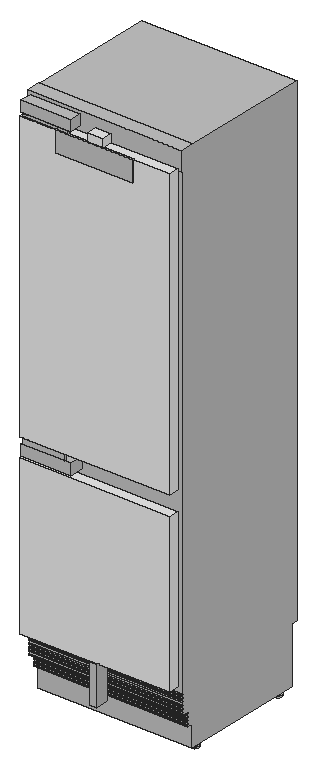
Revit family "FP_Revit_18_RS2484WLUK1_Fridge_90001068A", category Specialty Equipment, Revit 2018
Family settings
  Round Connector Dimension = Use Diameter
  Part Type = Normal
  OmniClass Number = 23.40.40.11.11
  OmniClass Title = Refrigerators and Freezers
  Work Plane-Based = No
  Always vertical = Yes
  Cut with Voids When Loaded = Yes
  Shared = No
  Room Calculation Point = No
Parameters (values of type "RS2484WLUK1")
  Visibility - Water Connection = yes
  Visibility - Visibility Control Note = yes
  Visibility - Clearance Required = yes
  URL = "www.fisherpaykel.com"
  Stainless Steel Door Panels (RD2484WLD) = no
  Product - Width = 603 mm
  Product - Height = 2134 mm
  Product - Depth (exl front panel) = 610 mm
  Model = "RS2484WLUK1"
  Material - Handle = Fisher & Paykel - Aluminium
  Material - Door Structure = Fisher & Paykel - White
  Material - Door Front = Fisher & Paykel - Stainless Steel
  Material - Body = Fisher & Paykel - Grey
  Manufacturer = "Fisher & Paykel Appliances"
  Handle Style - Professional Square (AHV2RD2484W) = no
  Handle Style - Professional Round Flush (AHP3RD2484W) = no
  Handle Style - Professional Round (AHCRD2484W) = no
  Handle Style - Contemporary Square Fine Black (AHD5RD2484WB) = no
  Handle Style - Contemporary Square Fine (AHD5RD2484W) = no
  Handle Style - Contemporary Square (AHD3RD2484W) = no
  Handle Style - Contemporary Round (AHSRD2484W) = no
  Description = "24\" Integrated Column Refrigerator/Freezer with Ice & Water, SS interior"
  Connector Description - Water = "1/4\" (6mm) comp. stainless steel braided hose"
  Connector Description - Electrical = "120 V, 10 amp fused electrical supply"
  Cavity - Width = 610 mm
  Cavity - Height = 2134 mm
  Cavity - Depth = 635 mm
Reference planes
  plane 1 "Datum": y = 0
  plane 2: z = 0
  plane 3 "Center (Left/Right)": x = 0
  plane 4 "Product LHS": x = -301.5
  plane 5 "Product RHS": x = 301.5
  plane 6 "Product - Depth": y = 610
  plane 7 "Cavity LHS": x = -305
  plane 8 "Cavity RHS": x = 305
  plane 9 "Cavity - Depth": y = 635
  plane 10 "Handle Offset": x = 238.5
  plane 11 "Product Height": z = 2134
  plane 12 "Cavity Height": z = 2134
  plane 13 "Door Panel Datum": y = -4.1
Forms (mm)
  Extrusion 1, solid, material "Fisher & Paykel - Grey" <- "Material - Body", detail levels fine
    sketch origin (0, 0, 0) x (0, 1, 0) y (0, 0, 1)
      loop
        line (100.1, 19.1) -> (587.9, 19.1) -> (587.9, 239.7) -> (610, 239.7) -> (610, 2132.3) -> (105.1, 2132.3) -> (105.1, 2134) -> (49.9, 2134) -> (49.9, 2059) -> (56, 2059) -> (56, 228.6) -> (59.5, 228.6) -> (59.5, 219.7) -> (56.5, 219.7) -> (56.5, 215.9) -> (59.5, 215.9) -> (59.5, 207) -> (56.5, 207) -> (56.5, 203.2) -> (59.5, 203.2) -> (59.5, 194.3) -> (56.5, 194.3) -> (56.5, 190.5) -> (59.5, 190.5) -> (59.5, 181.6) -> (56.5, 181.6) -> (56.5, 177.8) -> (59.5, 177.8) -> (59.5, 168.9) -> (56.5, 168.9) -> (56.5, 165.1) -> (59.5, 165.1) -> (59.5, 156.2) -> (56.5, 156.2) -> (56.5, 152.4) -> (84.1, 152.4) -> (84.1, 143.5) -> (81.1, 143.5) -> (81.1, 139.7) -> (84.1, 139.7) -> (84.1, 130.8) -> (81.1, 130.8) -> (81.1, 127) -> (84.1, 127) -> (84.1, 118.1) -> (81.1, 118.1) -> (81.1, 114.3) -> (84.1, 114.3) -> (84.1, 105.4) -> (81.1, 105.4) -> (81.1, 101.6) -> (100.1, 101.6) -> (100.1, 19.1)
    from -301.5 to 301.5
  Extrusion 2, solid, material "Fisher & Paykel - Grey" <- "Material - Body"
    sketch origin (0, 0, 0) x (1, 0, 0) y (0, 1, 0)
      loop
        circle (-281, 547.8) r 4.1
      loop
        circle (-281, 141.8) r 4.1
      loop
        circle (281, 547.8) r 4.1
      loop
        circle (281, 141.8) r 4.1
    from 3 to 19.1
  Extrusion 3, solid, material "Fisher & Paykel - Grey" <- "Material - Body"
    sketch origin (0, 0, 0) x (1, 0, 0) y (0, 1, 0)
      loop
        circle (-281, 547.8) r 14.5
      loop
        circle (-281, 141.8) r 14.555
      loop
        circle (281, 547.8) r 14.5
      loop
        circle (281, 141.8) r 14.555
    from 0 to 3
  Extrusion 4, solid, material "Fisher & Paykel - Grey" <- "Material - Body", detail levels fine
    sketch origin (0, 0, 0) x (1, 0, 0) y (0, 1, 0)
      loop
        line (-7.5, 49) -> (-13.797, -4.1) -> (13.797, -4.1) -> (7.5, 49) -> (-7.5, 49)
    from 104.2 to 253.8
  Extrusion 5, solid, material "Fisher & Paykel - Grey" <- "Material - Body", detail levels fine
    sketch origin (0, 0, 0) x (0, 1, 0) y (0, 0, 1)
      loop
        line (0, 2070.6) -> (0, 1988.6) -> (2, 1988.6) -> (2, 2068.6) -> (4, 2068.6) -> (4, 2070.6) -> (0, 2070.6)
    from -150 to 150
  Extrusion 6, solid, material "Fisher & Paykel - Grey" <- "Material - Body"
    sketch origin (0, 0, 0) x (1, 0, 0) y (0, 0, 1)
      loop
        circle (226.5, 119.813) r 5
      loop
        circle (-226.5, 119.813) r 5
    from -590 to -587.9
  Extrusion 7, solid, material "Fisher & Paykel - White" <- "Material - Door Structure"
    sketch origin (0, 0, 0) x (1, 0, 0) y (0, 1, 0)
      loop
        line (-276.5, 56) -> (-276.5, 42) -> (276.5, 42) -> (276.5, 56) -> (-276.5, 56)
    from 951.3 to 2030.7
  Extrusion 8, solid, material "Fisher & Paykel - White" <- "Material - Door Structure"
    sketch origin (0, 0, 0) x (1, 0, 0) y (0, 1, 0)
      loop
        line (-292.9, 42) -> (-292.9, 3) -> (292.9, 3) -> (292.9, 42) -> (-292.9, 42)
    from 943.8 to 2068.6
  Extrusion 9, solid, material "Fisher & Paykel - White" <- "Material - Door Structure", detail levels fine
    sketch origin (0, 0, 0) x (1, 0, 0) y (0, 0, 1)
      loop
        line (-29.5, 2100.1) -> (-29.5, 2068.6) -> (29.5, 2068.6) -> (29.5, 2100.1) -> (-29.5, 2100.1)
    from -42 to -3
  Extrusion 10, solid, material "Fisher & Paykel - Stainless Steel" <- "Material - Door Front", visible <- "Stainless Steel Door Panels (RD2484WLD)"
    sketch origin (0, 0, 0) x (0, 1, 0) y (0, 0, 1)
      loop
        line (-22.1, 2130.8) -> (-22.1, 876.3) -> (-4.1, 876.3) -> (-4.1, 2130.8) -> (-22.1, 2130.8)
      loop
        line (-22.1, 102) -> (-4.1, 102) -> (-4.1, 873.1) -> (-22.1, 873.1) -> (-22.1, 102)
    from -301.5 to 301.5
  Extrusion 11, solid, material "Fisher & Paykel - Grey" <- "Material - Body", detail levels coarse+medium
    sketch origin (0, 0, 0) x (0, 1, 0) y (0, 0, 1)
      loop
        line (49.9, 2134) -> (49.9, 2059) -> (56, 2059) -> (56, 152.4) -> (81.1, 152.4) -> (81.1, 101.6) -> (100.1, 101.6) -> (100.1, 19.1) -> (587.9, 19.1) -> (587.9, 239.7) -> (610, 239.7) -> (610, 2134) -> (49.9, 2134)
    from -301.5 to 301.5
  Extrusion 12, solid, material "Fisher & Paykel - Grey" <- "Material - Body", detail levels fine
    sketch origin (0, 0, 0) x (-1, 0, 0) y (0, 0, -1)
      loop
        line (289.9, -877.25) -> (95.42, -877.25) -> (95.42, -919.35) -> (289.9, -919.35) -> (289.9, -877.25)
    from -56 to -2.5
  Extrusion 13, solid, material "Fisher & Paykel - Grey" <- "Material - Body", detail levels fine
    sketch origin (0, 0, 0) x (-1, 0, 0) y (0, 0, -1)
      loop
        line (289.9, -2123.15) -> (289.9, -2081.05) -> (95.42, -2081.05) -> (95.42, -2123.15) -> (289.9, -2123.15)
    from -49 to -2.5
  Extrusion 14, solid, material "Fisher & Paykel - Grey" <- "Material - Body", detail levels fine
    sketch origin (0, 0, -4) x (0, 1, 0) y (0, 0, 1)
      loop
        arc (163.888, 23.1) -> (180.4, 13.63) -> (196.912, 23.1) r 19.13
        line (196.912, 23.1) -> (163.888, 23.1)
      loop
        arc (493.888, 23.1) -> (510.4, 13.63) -> (526.912, 23.1) r 19.13
        line (526.912, 23.1) -> (493.888, 23.1)
    from 191 to 219
  Extrusion 15, solid, material "Fisher & Paykel - Grey" <- "Material - Body", detail levels fine
    sketch origin (0, 0, -4) x (0, 1, 0) y (0, 0, -1)
      loop
        line (163.888, -23.1) -> (196.912, -23.1)
        arc (196.912, -23.1) -> (180.4, -13.63) -> (163.888, -23.1) r 19.13
      loop
        line (493.888, -23.1) -> (526.912, -23.1)
        arc (526.912, -23.1) -> (510.4, -13.63) -> (493.888, -23.1) r 19.13
    from 191 to 219
  Extrusion 16, solid, material "Fisher & Paykel - Clearance Required", visible <- "Visibility - Clearance Required", detail levels coarse
    sketch origin (0, 0, 0) x (1, 0, 0) y (0, 1, 0)
      loop
        line (-305, 635) -> (-305, -4.1) -> (305, -4.1) -> (305, 635) -> (-305, 635)
    from 0 to 2134
  Extrusion 17, void
    sketch origin (0, 0, 0) x (1, 0, 0) y (0, 1, 0)
      loop
        line (-305, 635) -> (-305, -22.1) -> (305, -22.1) -> (305, 635) -> (-305, 635)
    from 0 to 2134
  Extrusion 18, solid, material "Fisher & Paykel - Grey" <- "Material - Body", detail levels fine
    sketch origin (0, 0, 0) x (-1, 0, 0) y (0, 0, -1)
      loop
        line (118.4, -943.8) -> (282.9, -943.8) -> (282.9, -919.35) -> (118.4, -919.35) -> (118.4, -943.8)
      loop
        line (106, -2081.05) -> (242.9, -2081.05) -> (282.9, -2076.05) -> (282.9, -2068.6) -> (106, -2068.6) -> (106, -2081.05)
    from -7 to -4
  Extrusion 19, solid, material "Fisher & Paykel - White" <- "Material - Door Structure"
    sketch origin (0, 0, 0) x (1, 0, 0) y (0, 1, 0)
      loop
        line (-292.9, 42) -> (-292.9, 3) -> (292.9, 3) -> (292.9, 42) -> (-292.9, 42)
    from 253.8 to 868.15
  Extrusion 20, solid, material "Fisher & Paykel - White" <- "Material - Door Structure"
    sketch origin (0, 0, 0) x (1, 0, 0) y (0, 1, 0)
      loop
        line (-276.5, 56) -> (-276.5, 42) -> (276.5, 42) -> (276.5, 56) -> (-276.5, 56)
    from 269.2 to 858.13
  Extrusion 21, solid, material "Fisher & Paykel - Clearance Required", visible <- "Visibility - Clearance Required", detail levels coarse
    sketch origin (0, 0, 0) x (0, 1, 0) y (0, 0, 1)
      loop
        line (-422.1, 873.1) -> (-422.1, 818.896) -> (-482.1, 818.896) -> (-482.1, 781.896) -> (-422.1, 781.896) -> (-422.1, 101.6) -> (-22.1, 101.6) -> (-22.1, 873.1) -> (-422.1, 873.1)
    from -305 to 305
  Extrusion 22, solid, material "Fisher & Paykel - Clearance Required", visible <- "Visibility - Clearance Required", detail levels coarse
    sketch origin (0, 0, 0) x (-1, 0, 0) y (0, -1, 0)
      loop
        arc (301.5, 22.1) -> (304.469, 57.05) -> (339.359, 60.653) r 27.5
        line (339.359, 60.653) -> (556.046, 526.865) -> (583.452, 514.085)
        arc (583.452, 514.085) -> (608.033, 523.032) -> (599.086, 547.613) r 18.497
        line (599.086, 547.613) -> (571.638, 560.412) -> (593.641, 607.752)
        arc (593.641, 607.752) -> (-14.693, 560.645) -> (-301.5, 22.1) r 633.927
        line (-301.5, 22.1) -> (301.5, 22.1)
    from 876.3 to 2134
Lines and regions (mm)
  model lines, style "Fisher & Paykel"
    curve 1: line (-301.5, -4.1, 2130.8) -> (301.5, -4.1, 2130.8)
    curve 2: line (-301.5, -4.1, 876.3) -> (-301.5, -4.1, 2130.8)
    curve 3: line (301.5, -4.1, 876.3) -> (-301.5, -4.1, 876.3)
    curve 4: line (301.5, -4.1, 2130.8) -> (301.5, -4.1, 876.3)
    curve 5: line (301.5, -4.1, 873.1) -> (-301.5, -4.1, 873.1)
    curve 6: line (301.5, -4.1, 102) -> (301.5, -4.1, 873.1)
    curve 7: line (-301.5, -4.1, 102) -> (301.5, -4.1, 102)
    curve 8: line (-301.5, -4.1, 873.1) -> (-301.5, -4.1, 102)
Text (mm)
  text "Due to ongoing product development, product details are subject to change without notice. \nPlease always refer to www.fisherpaykel.com for the most current product information. \n© Fisher & Paykel 2020" at (41.04, -678.295, 0), in view "Ref. Level (Plan)"
Dimensions and locks
  equal spacing: plane 4 "Product LHS", plane 3 "Center (Left/Right)", plane 5 "Product RHS"
  "Product - Width": plane 4 "Product LHS" to plane 5 "Product RHS"
  "Product - Depth (exl front panel)": plane 1 "Datum" to plane 6 "Product - Depth"
  equal spacing: plane 7 "Cavity LHS", plane 3 "Center (Left/Right)", plane 8 "Cavity RHS"
  "Cavity - Width": plane 7 "Cavity LHS" to plane 8 "Cavity RHS"
  "Cavity - Depth": plane 9 "Cavity - Depth" to plane 1 "Datum"
  plane 4 "Product LHS" to Extrusion 2 sketch curve = 24.6 mm
  plane 4 "Product LHS" to plane 10 "Handle Offset" = 540 mm
  Extrusion 6 sketch curve to Extrusion 1 = 119.887 mm  (x2)
  Extrusion 6 sketch curve to plane 5 "Product RHS" = 75 mm
  plane 4 "Product LHS" to Extrusion 6 sketch curve = 75 mm
  Extrusion 1 sketch curve to Extrusion 1 sketch curve = 82.5 mm
  Extrusion 1 sketch curve to Extrusion 1 sketch curve = 209.5 mm
  Extrusion 1 sketch curve to Extrusion 1 sketch curve = 220.6 mm
  Extrusion 3 to level = 3 mm
  Extrusion 11 to Extrusion 8 = 924.7 mm
  Extrusion 11 to Extrusion 7 = 932.2 mm
  Extrusion 11 to Extrusion 11 = 2114.9 mm
  Extrusion 11 to Extrusion 10 = 82.9 mm
  "Product - Height": level to plane 11 "Product Height"
  plane 11 "Product Height" to Extrusion 10 = 3.2 mm
  Extrusion 8 to plane 11 "Product Height" = 65.4 mm
  Extrusion 7 to plane 11 "Product Height" = 103.3 mm
  Extrusion 11 sketch curve to plane 11 "Product Height" = 75 mm
  Extrusion 1 sketch curve to plane 11 "Product Height" = 1.7 mm
  Extrusion 1 sketch curve to plane 11 "Product Height" = 75 mm
  "Cavity - Height": plane 12 "Cavity Height" to level
  plane 1 "Datum" to Extrusion 16 = 635 mm
  plane 1 "Datum" to Extrusion 17 = 635 mm
  Extrusion 18 sketch curve to Extrusion 18 sketch curve = 40 mm
  Extrusion 18 sketch curve to Extrusion 18 sketch curve = 176.9 mm
  plane 3 "Center (Left/Right)" to Extrusion 18 sketch curve = 106 mm
  plane 3 "Center (Left/Right)" to Extrusion 18 sketch curve = 118.4 mm
  Extrusion 17 to level = 2134 mm
  radius of Extrusion 6 sketch curve = 5 mm
  aligned and locked: level to plane 2
  aligned and locked: Extrusion 10 to plane 5 "Product RHS"
  aligned and locked: plane 4 "Product LHS" to Extrusion 10
  aligned and locked: Extrusion 11 to plane 5 "Product RHS"
  aligned and locked: Extrusion 11 to plane 4 "Product LHS"
  aligned and locked: Extrusion 11 sketch curve to plane 11 "Product Height"
  aligned and locked: plane 11 "Product Height" to Extrusion 1 sketch curve
  aligned and locked: Extrusion 14 sketch curve to Extrusion 14 sketch curve
  aligned and locked: Extrusion 15 sketch curve to Extrusion 15 sketch curve
  aligned and locked: Extrusion 1 to plane 5 "Product RHS"
  aligned and locked: plane 4 "Product LHS" to Extrusion 1
  aligned and locked: nested 2 to plane 10 "Handle Offset"
  aligned and locked: nested 3 to plane 10 "Handle Offset"
  aligned and locked: nested 4 to plane 10 "Handle Offset"
  aligned and locked: nested 5 to plane 10 "Handle Offset"
  aligned and locked: nested 6 to plane 10 "Handle Offset"
  aligned and locked: nested 7 to plane 10 "Handle Offset"
  aligned and locked: nested 8 to plane 10 "Handle Offset"
Automatic sketch dimensions
  Extrusion 1 sketch curve to plane 6 "Product - Depth" = 0 mm
  Extrusion 1 sketch curve to Extrusion 1 sketch curve = 22.1 mm
  Extrusion 1 sketch curve to plane 1 "Datum" = 105.1 mm
  level to Extrusion 1 sketch curve = 19.1 mm
  Extrusion 1 sketch curve to plane 1 "Datum" = 100.1 mm
  Extrusion 1 sketch curve to Extrusion 1 sketch curve = 16 mm
  Extrusion 1 sketch curve to Extrusion 1 sketch curve = 0 mm  (x8)
  Extrusion 1 sketch curve to Extrusion 1 sketch curve = 3 mm  (x10)
  Extrusion 1 sketch curve to plane 1 "Datum" = 59.5 mm
  Extrusion 1 sketch curve to plane 1 "Datum" = 56 mm
  Extrusion 1 sketch curve to plane 1 "Datum" = 49.9 mm
  Extrusion 1 sketch curve to Extrusion 1 sketch curve = 3.8 mm  (x10)
  Extrusion 1 sketch curve to Extrusion 1 sketch curve = 8.9 mm  (x9)
  Extrusion 2 sketch curve to plane 4 "Product LHS" = 20.5 mm  (x2)
  plane 5 "Product RHS" to Extrusion 2 sketch curve = 20.5 mm  (x2)
  Extrusion 2 sketch curve to plane 1 "Datum" = 141.8 mm  (x2)
  Extrusion 2 sketch curve to plane 6 "Product - Depth" = 62.2 mm  (x2)
  Extrusion 3 sketch curve to plane 4 "Product LHS" = 20.5 mm  (x2)
  plane 5 "Product RHS" to Extrusion 3 sketch curve = 20.5 mm  (x2)
  Extrusion 3 sketch curve to plane 1 "Datum" = 141.8 mm  (x2)
  Extrusion 3 sketch curve to plane 6 "Product - Depth" = 62.2 mm  (x2)
  plane 1 "Datum" to Extrusion 4 sketch curve = 4.1 mm
  Extrusion 4 sketch curve to plane 3 "Center (Left/Right)" = 13.797 mm
  Extrusion 4 sketch curve to plane 3 "Center (Left/Right)" = 7.5 mm
  plane 3 "Center (Left/Right)" to Extrusion 4 sketch curve = 7.5 mm
  plane 3 "Center (Left/Right)" to Extrusion 4 sketch curve = 13.797 mm
  Extrusion 4 sketch curve to plane 1 "Datum" = 49 mm
  Extrusion 5 sketch curve to plane 1 "Datum" = 0 mm
  Extrusion 5 sketch curve to plane 1 "Datum" = 2 mm
  Extrusion 5 sketch curve to Extrusion 5 sketch curve = 2 mm  (x2)
  plane 11 "Product Height" to Extrusion 5 sketch curve = 145.4 mm
  plane 11 "Product Height" to Extrusion 5 sketch curve = 65.4 mm
  Extrusion 7 sketch curve to plane 4 "Product LHS" = 25 mm
  plane 5 "Product RHS" to Extrusion 7 sketch curve = 25 mm
  Extrusion 7 sketch curve to plane 1 "Datum" = 42 mm
  Extrusion 7 sketch curve to Extrusion 7 sketch curve = 14 mm
  Extrusion 8 sketch curve to plane 1 "Datum" = 3 mm
  Extrusion 8 sketch curve to plane 4 "Product LHS" = 8.6 mm
  plane 5 "Product RHS" to Extrusion 8 sketch curve = 8.6 mm
  Extrusion 8 sketch curve to Extrusion 8 sketch curve = 39 mm
  Extrusion 9 sketch curve to plane 3 "Center (Left/Right)" = 29.5 mm
  plane 3 "Center (Left/Right)" to Extrusion 9 sketch curve = 29.5 mm
  plane 11 "Product Height" to Extrusion 9 sketch curve = 65.4 mm
  Extrusion 9 sketch curve to Extrusion 9 sketch curve = 31.5 mm
  Extrusion 11 sketch curve to plane 6 "Product - Depth" = 0 mm
  Extrusion 11 sketch curve to plane 6 "Product - Depth" = 22.1 mm
  Extrusion 11 sketch curve to plane 1 "Datum" = 100.1 mm
  Extrusion 11 sketch curve to Extrusion 11 sketch curve = 19 mm
  Extrusion 11 sketch curve to plane 1 "Datum" = 56 mm
  Extrusion 11 sketch curve to plane 1 "Datum" = 49.9 mm
  level to Extrusion 11 sketch curve = 239.7 mm
  level to Extrusion 11 sketch curve = 152.4 mm
  Extrusion 11 sketch curve to Extrusion 11 sketch curve = 50.8 mm
  level to Extrusion 11 sketch curve = 19.1 mm
  plane 3 "Center (Left/Right)" to Extrusion 12 sketch curve = 95.42 mm
  plane 4 "Product LHS" to Extrusion 12 sketch curve = 11.6 mm
  Extrusion 12 sketch curve to level = 877.25 mm
  Extrusion 12 sketch curve to Extrusion 12 sketch curve = 42.1 mm
  Extrusion 13 sketch curve to plane 11 "Product Height" = 10.85 mm
  plane 3 "Center (Left/Right)" to Extrusion 13 sketch curve = 95.42 mm
  plane 4 "Product LHS" to Extrusion 13 sketch curve = 11.6 mm
  Extrusion 13 sketch curve to Extrusion 13 sketch curve = 42.1 mm
  level to Extrusion 14 sketch curve = 19.1 mm
  Extrusion 14 sketch curve to plane 1 "Datum" = 163.888 mm
  Extrusion 14 sketch curve to Extrusion 14 sketch curve = 16.512 mm  (x2)
  Extrusion 14 sketch curve to plane 6 "Product - Depth" = 116.112 mm
  Extrusion 14 sketch curve to Extrusion 14 sketch curve = 9.66 mm  (x2)
  level to Extrusion 15 sketch curve = 19.1 mm
  Extrusion 15 sketch curve to plane 1 "Datum" = 163.888 mm
  Extrusion 15 sketch curve to Extrusion 15 sketch curve = 16.512 mm  (x2)
  Extrusion 15 sketch curve to plane 6 "Product - Depth" = 116.112 mm
  Extrusion 15 sketch curve to Extrusion 15 sketch curve = 9.66 mm  (x2)
  Extrusion 16 sketch curve to plane 7 "Cavity LHS" = 0 mm
  Extrusion 16 sketch curve to plane 8 "Cavity RHS" = 0 mm
  Extrusion 16 sketch curve to plane 9 "Cavity - Depth" = 0 mm
  plane 1 "Datum" to Extrusion 16 sketch curve = 4.1 mm
  Extrusion 17 sketch curve to plane 7 "Cavity LHS" = 0 mm
  Extrusion 17 sketch curve to plane 8 "Cavity RHS" = 0 mm
  plane 9 "Cavity - Depth" to Extrusion 17 sketch curve = 0 mm
  plane 1 "Datum" to Extrusion 17 sketch curve = 22.1 mm
  plane 4 "Product LHS" to Extrusion 18 sketch curve = 18.6 mm
  Extrusion 18 sketch curve to level = 919.35 mm
  Extrusion 18 sketch curve to Extrusion 18 sketch curve = 24.45 mm
  Extrusion 18 sketch curve to plane 11 "Product Height" = 65.4 mm
  Extrusion 18 sketch curve to Extrusion 18 sketch curve = 7.45 mm
  Extrusion 18 sketch curve to Extrusion 18 sketch curve = 5 mm
  Extrusion 19 sketch curve to plane 1 "Datum" = 3 mm
  Extrusion 19 sketch curve to plane 4 "Product LHS" = 8.6 mm
  plane 5 "Product RHS" to Extrusion 19 sketch curve = 8.6 mm
  Extrusion 19 sketch curve to Extrusion 19 sketch curve = 39 mm
  Extrusion 20 sketch curve to plane 4 "Product LHS" = 25 mm
  plane 5 "Product RHS" to Extrusion 20 sketch curve = 25 mm
  Extrusion 20 sketch curve to plane 1 "Datum" = 42 mm
  Extrusion 20 sketch curve to Extrusion 20 sketch curve = 14 mm
  plane 1 "Datum" to Extrusion 21 sketch curve = 482.1 mm
  Extrusion 21 sketch curve to Extrusion 21 sketch curve = 60 mm
  Extrusion 21 sketch curve to Extrusion 21 sketch curve = 0 mm
  plane 1 "Datum" to Extrusion 21 sketch curve = 22.1 mm
  level to Extrusion 21 sketch curve = 101.6 mm
  Extrusion 21 sketch curve to Extrusion 21 sketch curve = 680.296 mm
  Extrusion 21 sketch curve to Extrusion 21 sketch curve = 37 mm
  Extrusion 21 sketch curve to Extrusion 21 sketch curve = 54.204 mm
  Extrusion 22 sketch curve to plane 5 "Product RHS" = 0 mm
  Extrusion 22 sketch curve to plane 4 "Product LHS" = 0 mm
  Extrusion 22 sketch curve to plane 7 "Cavity LHS" = 19.09 mm
  Extrusion 22 sketch curve to Extrusion 22 sketch curve = 8.286 mm
  Extrusion 22 sketch curve to Extrusion 22 sketch curve = 15.269 mm
  Extrusion 22 sketch curve to plane 7 "Cavity LHS" = 251.046 mm
  Extrusion 22 sketch curve to Extrusion 22 sketch curve = 15.592 mm
  Extrusion 22 sketch curve to Extrusion 22 sketch curve = 27.406 mm
  Extrusion 22 sketch curve to Extrusion 22 sketch curve = 7.817 mm  (x2)
  Extrusion 22 sketch curve to Extrusion 22 sketch curve = 22.003 mm
  Extrusion 22 sketch curve to plane 1 "Datum" = 607.752 mm
  Extrusion 22 sketch curve to Extrusion 22 sketch curve = 47.34 mm
  Extrusion 22 sketch curve to Extrusion 22 sketch curve = 12.799 mm
  Extrusion 22 sketch curve to Extrusion 22 sketch curve = 16.764 mm
  Extrusion 22 sketch curve to Extrusion 22 sketch curve = 12.78 mm
  Extrusion 22 sketch curve to plane 1 "Datum" = 60.653 mm
  Extrusion 22 sketch curve to Extrusion 22 sketch curve = 22.871 mm
  plane 1 "Datum" to Extrusion 10 sketch curve = 22.1 mm
  plane 1 "Datum" to Extrusion 10 sketch curve = 4.1 mm
  level to Extrusion 10 sketch curve = 102 mm
  plane 11 "Product Height" to Extrusion 10 sketch curve = 3.2 mm
  Extrusion 10 sketch curve to Extrusion 10 sketch curve = 3.2 mm
  Extrusion 10 sketch curve to Extrusion 10 sketch curve = 771.1 mm
  Extrusion 10 sketch curve to Extrusion 10 sketch curve = 0 mm  (x2)
  plane 5 "Product RHS" to curve 5 = 0 mm
  plane 5 "Product RHS" to curve 1 = 0 mm
  plane 4 "Product LHS" to curve 5 = 0 mm
  plane 4 "Product LHS" to curve 2 = 0 mm
  level to curve 6 = 102 mm
  curve 6 to curve 6 = 771.1 mm
  curve 5 to curve 2 = 3.2 mm
  plane 11 "Product Height" to curve 2 = 3.2 mm
  radius of Extrusion 2 sketch curve = 4.1 mm  (x3)
  radius of Extrusion 3 sketch curve = 14.5 mm  (x2)
  radius of Extrusion 3 sketch curve = 14.555 mm  (x2)
  radius of Extrusion 6 sketch curve = 5 mm
Nested families
  nested 1: "Visibility Control Note 18" at (0, 0, 0), visible <- "Visibility - Visibility Control Note", type "Visibility Control Note 18"
  nested 2: "Handle Contemporary Round - Vertical" at (238.5, -22.1, 1322.58), visible <- "Handle Style - Contemporary Round (AHSRD2484W)", type "AHSRD2484W - Contemporary round handle (1 of 2) (Vertical) 727mm"
  nested 3: "Handle Contemporary Square - Vertical" at (238.5, -22.1, 1322.58), visible <- "Handle Style - Contemporary Square (AHD3RD2484W)", type "AHD3RD2484W - Contemporary square handle (1 of 2) (Vertical) 727mm"
  nested 4: "F&P Handle Kit - Contemporary Square Fine - Vertical" at (238.5, -22.1, 1322.58), visible <- "Handle Style - Contemporary Square Fine Black (AHD5RD2484WB)", type "AHD5RD2484WB - Contemporary square fine black handle (1 of 2) (Vertical) 727mm"
  nested 5: "F&P Handle Kit - Contemporary Square Fine - Vertical" at (238.5, -22.1, 1322.58), visible <- "Handle Style - Contemporary Square Fine (AHD5RD2484W)", type "AHD5RD2484W - Contemporary square fine handle (1 of 2) (Vertical) 727mm"
  nested 6: "Handle Professional Round - Vertical" at (238.5, -22.1, 1322.58), visible <- "Handle Style - Professional Round (AHCRD2484W)", type "AHCRD2484W - Professional round handle (1 of 2) (Vertical) 661mm"
  nested 7: "Handle Professional Round Flush - Vertical" at (238.5, -22.1, 1322.58), visible <- "Handle Style - Professional Round Flush (AHP3RD2484W)", type "AHP3RD2484W - Professional round flush handle (1 of 2) (Vertical) 677mm"
  nested 8: "Handle Professional Square - Vertical" at (238.5, -22.1, 1322.58), visible <- "Handle Style - Professional Square (AHV2RD2484W)", type "AHV2RD2484W - Professional square handle (1 of 2) (Vertical) 727mm"
  nested 9: "Handle Contemporary Round - Horizontal" at (0, -22.1, 800.364), visible <- "Handle Style - Contemporary Round (AHSRD2484W)", type "AHSRD2484W - Contemporary round handle (2 of 2) (Horizontal) 494mm"
  nested 10: "Handle Contemporary Square - Horizontal" at (0, -22.1, 800.364), visible <- "Handle Style - Contemporary Square (AHD3RD2484W)", type "AHD3RD2484W - Contemporary square handle (2 of 2) (Horizontal) 494mm"
  nested 11: "F&P Handle Kit - Contemporary Square Fine - Horizontal" at (0, -22.1, 800.364), visible <- "Handle Style - Contemporary Square Fine Black (AHD5RD2484WB)", type "AHD5RD2484WB - Contemporary square fine black handle (2 of 2) (Horizontal) 494mm"
  nested 12: "Handle Professional Round - Horizontal" at (0, -22.1, 800.364), visible <- "Handle Style - Professional Round (AHCRD2484W)", type "AHCRD2484W - Professional round handle (2 of 2) (Horizontal) 428mm"
  nested 13: "Handle Professional Round Flush - Horizontal" at (0, -22.1, 800.364), visible <- "Handle Style - Professional Round Flush (AHP3RD2484W)", type "AHP3RD2484W - Professional round flush handle (2 of 2) (Horizontal) 443mm"
  nested 14: "Handle Professional Square - Horizontal" at (0, -22.1, 800.364), visible <- "Handle Style - Professional Square (AHV2RD2484W)", type "AHV2RD2484W - Professional square handle (2 of 2) (Horizontal) 434mm"
  nested 15: "F&P Handle Kit - Contemporary Square Fine - Horizontal" at (0, -22.1, 800.364), visible <- "Handle Style - Contemporary Square Fine (AHD5RD2484W)", type "AHD5RD2484W - Contemporary square fine handle (2 of 2) (Horizontal) 494mm"
Connectors
  electrical at (-226.5, 590, 119.813), driven by "Connector Description - Electrical"
    settings: on Extrusion 6, index 1, voltage 120 V, apparent load 0 VA, apparent load phase1 0 VA, apparent load phase2 0 VA, apparent load phase3 0 VA, power factor 1, load classification "Other", number of poles 1, system type 30, power factor state 1, is connector primary yes, connector utility no, sub classification motor no, connector description "120 V, 10 amp fused electrical supply"
  piping at (226.5, 590, 119.813), diameter 12.7, driven by "Visibility - Water Connection", driven by "Connector Description - Water"
    settings: on Extrusion 6, index 2, connector inside diameter 609.6 mm, connector length 0 mm, flow factor 0, pipe flow 0.0 L/s, pressure drop 0.0 Pa, fitting loss kfactor 0, connector angle 0.00°, fixture units 0, engagement length 0 mm, angle of deflection 0.00°, flow configuration 0, flow direction 1, fitting loss method 0, system type 20, joint type 0, gender type 0, connector reference index -1, connector utility 1, adjustable connector no, is connector primary yes, connector description "1/4\" (6mm) comp. stainless steel braided hose"
Definition of nested family "Handle Contemporary Round - Vertical"
  Parameters (values of type "AHSRS80A - Contemporary round handle (1 of 2) (Vertical) 727mm")
    URL = "www.fisherpaykel.com"
    Material - Handle = none
    Manufacturer = "Fisher & Paykel Appliances"
    Handle - Length = 727 mm
  Types (6, lengths in mm): name | Handle - Length
    AHS-RD21 - Contemporary round handle (Vertical) 852mm | 852
    AHSRD2484W - Contemporary round handle (1 of 2) (Vertical) 727mm | 727
    AHSRD3084W - Contemporary round handle (1 of 2) (Vertical) 727mm | 727
    AHS-RD84 - Contemporary round handle (Vertical) 852mm | 852
    AHSRS3272A - Contemporary round handle (1 of 2) (Vertical) 727mm | 727
    AHSRS80A - Contemporary round handle (1 of 2) (Vertical) 727mm | 727
  Reference planes
    plane 1 "Center (Front/Back)": y = 0
    plane 2: z = 0
    plane 3 "Center (Left/Right)": x = 0
    plane 4 "Top": z = 363.5
    plane 5 "Bottom": z = -363.5
    plane 6 "Top Standoff": z = 243.5
    plane 7 "Bottom Standoff": z = -243.5
  Forms (mm)
    Extrusion 1, solid, material <- "Material - Handle"
      sketch origin (0, 0, 0) x (1, 0, 0) y (0, 1, 0)
        loop
          circle (0, -32.3) r 8.7
      from -243.5 to 243.5
    Extrusion 2, solid, material <- "Material - Handle", detail levels fine
      sketch origin (0, 0, 0) x (1, 0, 0) y (0, 1, 0)
        loop
          line (-8.7, 0) -> (-8.7, -32.3)
          arc (-8.7, -32.3) -> (0, -41) -> (8.7, -32.3) r 8.7
          line (8.7, -32.3) -> (8.7, 0) -> (-8.7, 0)
      from 243.5 to 363.5
    Extrusion 3, solid, material <- "Material - Handle", detail levels fine
      sketch origin (0, 0, 0) x (1, 0, 0) y (0, 1, 0)
        loop
          line (-8.7, 0) -> (-8.7, -32.3)
          arc (-8.7, -32.3) -> (0, -41) -> (8.7, -32.3) r 8.7
          line (8.7, -32.3) -> (8.7, 0) -> (-8.7, 0)
      from -363.5 to -243.5
    Sweep 4, void
      path in 3D
        loop
          line (8.7, 0, -363.5) -> (8.7, -32.3, -363.5)
          arc (8.7, -32.3, -363.5) -> (0, -41, -363.5) -> (-8.7, -32.3, -363.5) r 8.7
          line (-8.7, -32.3, -363.5) -> (-8.7, 0, -363.5)
      profile origin (8.7, -16.15, -363.5) x (-1, 0, 0) y (0, 0, -1)
        loop
          line (0, 0) -> (0, -1) -> (1, 0) -> (0, 0)
    Sweep 5, void
      path in 3D
        loop
          line (-8.7, 0, 363.5) -> (-8.7, -32.3, 363.5)
          arc (-8.7, -32.3, 363.5) -> (0, -41, 363.5) -> (8.7, -32.3, 363.5) r 8.7
          line (8.7, -32.3, 363.5) -> (8.7, 0, 363.5)
      profile origin (8.7, -16.15, 363.5) x (-1, 0, 0) y (0, 0, 1)
        loop
          line (0, 0) -> (0, -1) -> (1, 0) -> (0, 0)
    Extrusion 6, solid, material <- "Material - Handle", detail levels coarse+medium
      sketch origin (0, 0, 0) x (1, 0, 0) y (0, 1, 0)
        loop
          line (-8.7, 0) -> (-8.7, -32.3)
          arc (-8.7, -32.3) -> (0, -41) -> (8.7, -32.3) r 8.7
          line (8.7, -32.3) -> (8.7, 0) -> (-8.7, 0)
      from 243.5 to 363.5
    Extrusion 7, solid, material <- "Material - Handle", detail levels coarse+medium
      sketch origin (0, 0, 0) x (1, 0, 0) y (0, 1, 0)
        loop
          line (-8.7, 0) -> (-8.7, -32.3)
          arc (-8.7, -32.3) -> (0, -41) -> (8.7, -32.3) r 8.7
          line (8.7, -32.3) -> (8.7, 0) -> (-8.7, 0)
      from -363.5 to -243.5
  Cuts and joins
    Sweep 4 cuts Extrusion 3
    Sweep 5 cuts Extrusion 2
  Lines and regions (mm)
    sketch lines
      curve 1: line (8.7, 0, -363.5) -> (8.7, -32.3, -363.5)
      curve 2: arc (-8.7, -32.3, -363.5) -> (0, -41, -363.5) -> (8.7, -32.3, -363.5) r 8.7
      curve 3: line (-8.7, -32.3, -363.5) -> (-8.7, 0, -363.5)
      curve 4: line (8.7, -32.3, 363.5) -> (8.7, 0, 363.5)
      curve 5: arc (8.7, -32.3, 363.5) -> (0, -41, 363.5) -> (-8.7, -32.3, 363.5) r 8.7
      curve 6: line (-8.7, 0, 363.5) -> (-8.7, -32.3, 363.5)
  Dimensions and locks
    equal spacing: plane 4 "Top", level, plane 5 "Bottom"
    "Handle - Length": plane 4 "Top" to plane 5 "Bottom"
    locked: plane 4 "Top" to plane 6 "Top Standoff" at 120
    locked: plane 7 "Bottom Standoff" to plane 5 "Bottom" at 120
    Extrusion 2 sketch curve to Extrusion 2 sketch curve = 17.4 mm
    Extrusion 3 sketch curve to Extrusion 3 sketch curve = 17.4 mm
    Extrusion 6 sketch curve to Extrusion 6 sketch curve = 17.4 mm
    Extrusion 7 sketch curve to Extrusion 7 sketch curve = 17.4 mm
    aligned and locked: level to plane 2
    aligned and locked: plane 4 "Top" to Extrusion 2
    aligned and locked: Extrusion 3 to plane 5 "Bottom"
    aligned and locked: plane 7 "Bottom Standoff" to Extrusion 3
    aligned and locked: Extrusion 1 to plane 7 "Bottom Standoff"
    aligned and locked: plane 6 "Top Standoff" to Extrusion 1
    aligned and locked: Extrusion 2 to Extrusion 1
    aligned and locked: Extrusion 6 to Extrusion 1
    aligned and locked: plane 4 "Top" to Extrusion 6
    aligned and locked: Extrusion 7 to Extrusion 1
    aligned and locked: Extrusion 7 to plane 5 "Bottom"
  Automatic sketch dimensions
    Extrusion 1 sketch curve to plane 3 "Center (Left/Right)" = 0 mm
    plane 1 "Center (Front/Back)" to Extrusion 1 sketch curve = 32.3 mm
    plane 1 "Center (Front/Back)" to Extrusion 2 sketch curve = 0 mm
    Extrusion 2 sketch curve to plane 3 "Center (Left/Right)" = 0 mm
    Extrusion 2 sketch curve to plane 3 "Center (Left/Right)" = 8.7 mm
    plane 1 "Center (Front/Back)" to Extrusion 2 sketch curve = 32.3 mm
    plane 1 "Center (Front/Back)" to Extrusion 3 sketch curve = 0 mm
    Extrusion 3 sketch curve to plane 3 "Center (Left/Right)" = 0 mm
    Extrusion 3 sketch curve to plane 3 "Center (Left/Right)" = 8.7 mm
    plane 1 "Center (Front/Back)" to Extrusion 3 sketch curve = 32.3 mm
    Sweep 4 sketch curve to profile plane = 0 mm  (x2)
    Sweep 4 sketch curve to profile plane = 1 mm  (x2)
    Sweep 5 sketch curve to profile plane = 0 mm  (x2)
    Sweep 5 sketch curve to profile plane = 1 mm  (x2)
    Extrusion 6 sketch curve to plane 3 "Center (Left/Right)" = 0 mm
    Extrusion 6 sketch curve to plane 3 "Center (Left/Right)" = 8.7 mm
    plane 1 "Center (Front/Back)" to Extrusion 6 sketch curve = 32.3 mm
    Extrusion 6 sketch curve to Extrusion 6 sketch curve = 32.3 mm
    Extrusion 7 sketch curve to plane 3 "Center (Left/Right)" = 0 mm
    Extrusion 7 sketch curve to plane 3 "Center (Left/Right)" = 8.7 mm
    plane 1 "Center (Front/Back)" to Extrusion 7 sketch curve = 32.3 mm
    Extrusion 7 sketch curve to Extrusion 7 sketch curve = 32.3 mm
    radius of Extrusion 1 sketch curve = 8.7 mm
Definition of nested family "Handle Contemporary Square - Vertical"
  Parameters (values of type "AHD3RS80A - Contemporary square handle (1 of 2) (Vertical) 727mm")
    URL = "www.fisherpaykel.com"
    Material - Handle = none
    Manufacturer = "Fisher & Paykel Appliances"
    Handle - Length = 727 mm
  Types (7, lengths in mm): name | Handle - Length
    (no name) | 727
    AHD3-RD21 - Contemporary square handle (Vertical) 852mm | 852
    AHD3RD2484W - Contemporary square handle (1 of 2) (Vertical) 727mm | 727
    AHD3RD3084W - Contemporary square handle (1 of 2) (Vertical) 727mm | 727
    AHD3-RD84 - Contemporary square handle (Vertical) 852mm | 852
    AHD3RS3272A - Contemporary square handle (1 of 2) (Vertical) 727mm | 727
    AHD3RS80A - Contemporary square handle (1 of 2) (Vertical) 727mm | 727
  Reference planes
    plane 1 "Center (Front/Back)": y = 0
    plane 2: z = 0
    plane 3 "Center (Left/Right)": x = 0
    plane 4 "Top": z = 363.5
    plane 5 "Bottom": z = -363.5
    plane 6 "Top Standoff": z = 243.5
    plane 7 "Bottom Standoff": z = -243.5
  Forms (mm)
    Extrusion 1, solid, material <- "Material - Handle", detail levels fine
      sketch origin (0, 0, 0) x (1, 0, 0) y (0, 1, 0)
        loop
          arc (-7.583, -28.701) -> (-7.89, -29.057) -> (-8, -29.514) r 1
          line (-8, -29.514) -> (-8, -40.5)
          arc (-8, -40.5) -> (-7.561, -41.561) -> (-6.5, -42) r 1.5
          line (-6.5, -42) -> (6.5, -42)
          arc (6.5, -42) -> (7.561, -41.561) -> (8, -40.5) r 1.5
          line (8, -40.5) -> (8, -29.487)
          arc (8, -29.487) -> (7.889, -29.029) -> (7.58, -28.673) r 1
          arc (7.58, -28.673) -> (-0.006, -26.256) -> (-7.583, -28.701) r 13.038
      from -363.5 to 363.5
    Extrusion 2, solid, material <- "Material - Handle", detail levels fine
      sketch origin (0, 0, 0) x (1, 0, 0) y (0, 1, 0)
        loop
          arc (7.058, -28.23) -> (7.466, -28.244) -> (7.674, -27.893) r 0.4
          line (7.674, -27.893) -> (7.674, 0) -> (-7.674, 0) -> (-7.674, -27.86)
          arc (-7.674, -27.86) -> (-7.467, -28.21) -> (-7.06, -28.198) r 0.4
          arc (-7.06, -28.198) -> (0.004, -26.156) -> (7.058, -28.23) r 13.136
      from 243.5 to 363.5
    Extrusion 3, solid, material <- "Material - Handle", detail levels fine
      sketch origin (0, 0, 0) x (1, 0, 0) y (0, 1, 0)
        loop
          arc (7.058, -28.23) -> (7.466, -28.244) -> (7.674, -27.893) r 0.4
          line (7.674, -27.893) -> (7.674, 0) -> (-7.674, 0) -> (-7.674, -27.86)
          arc (-7.674, -27.86) -> (-7.467, -28.21) -> (-7.06, -28.198) r 0.4
          arc (-7.06, -28.198) -> (0.004, -26.156) -> (7.058, -28.23) r 13.136
      from -363.5 to -243.5
    Sweep 4, void
      path in 3D
        loop
          line (-8, -29.514, 363.5) -> (-8, -40.5, 363.5)
          arc (-8, -40.5, 363.5) -> (-7.561, -41.561, 363.5) -> (-6.5, -42, 363.5) r 1.5
          line (-6.5, -42, 363.5) -> (6.5, -42, 363.5)
          arc (6.5, -42, 363.5) -> (7.561, -41.561, 363.5) -> (8, -40.5, 363.5) r 1.5
          line (8, -40.5, 363.5) -> (8, -29.487, 363.5)
      profile origin (8, -34.994, 363.5) x (-1, 0, 0) y (0, 0, 1)
        loop
          line (0, 0) -> (0, -1.3) -> (1.3, 0) -> (0, 0)
    Sweep 5, void
      path in 3D
        loop
          line (8, -29.487, -363.5) -> (8, -40.5, -363.5)
          arc (8, -40.5, -363.5) -> (7.561, -41.561, -363.5) -> (6.5, -42, -363.5) r 1.5
          line (6.5, -42, -363.5) -> (-6.5, -42, -363.5)
          arc (-6.5, -42, -363.5) -> (-7.561, -41.561, -363.5) -> (-8, -40.5, -363.5) r 1.5
          line (-8, -40.5, -363.5) -> (-8, -29.514, -363.5)
      profile origin (8, -34.994, -363.5) x (-1, 0, 0) y (0, 0, -1)
        loop
          line (0, 0) -> (0, -1.3) -> (1.3, 0) -> (0, 0)
    Extrusion 6, void
      sketch origin (0, 0, 0) x (1, 0, 0) y (0, 0, 1)
        loop
          line (-8, -362.2) -> (-8, -363.5) -> (-6.7, -363.5) -> (-8, -362.2)
        loop
          line (8, -362.2) -> (6.7, -363.5) -> (8, -363.5) -> (8, -362.2)
      from 0 to 40
    Extrusion 7, void
      sketch origin (0, 0, 0) x (1, 0, 0) y (0, 0, 1)
        loop
          line (-8, 363.5) -> (-8, 362.2) -> (-6.7, 363.5) -> (-8, 363.5)
        loop
          line (8, 363.5) -> (6.7, 363.5) -> (8, 362.2) -> (8, 363.5)
      from 0 to 40
    Extrusion 8, solid, material <- "Material - Handle", detail levels coarse+medium
      sketch origin (0, 0, 0) x (0, 1, 0) y (0, 0, 1)
        loop
          line (0, 363.5) -> (-42, 363.5) -> (-42, -363.5) -> (0, -363.5) -> (0, -243.5) -> (-26.245, -243.5) -> (-26.245, 243.5) -> (0, 243.5) -> (0, 363.5)
      from -8 to 8
  Cuts and joins
    Sweep 4, Sweep 5, Extrusion 6, Extrusion 7 cuts Extrusion 1
    Extrusion 6 cuts Extrusion 3
    Extrusion 7 cuts Extrusion 2
  Lines and regions (mm)
    sketch lines
      curve 1: line (8, -40.5, 363.5) -> (8, -29.487, 363.5)
      curve 2: arc (8, -40.5, 363.5) -> (7.561, -41.561, 363.5) -> (6.5, -42, 363.5) r 1.5
      curve 3: line (-6.5, -42, 363.5) -> (6.5, -42, 363.5)
      curve 4: arc (-6.5, -42, 363.5) -> (-7.561, -41.561, 363.5) -> (-8, -40.5, 363.5) r 1.5
      curve 5: line (-8, -29.514, 363.5) -> (-8, -40.5, 363.5)
      curve 6: line (8, -29.487, -363.5) -> (8, -40.5, -363.5)
      curve 7: arc (6.5, -42, -363.5) -> (7.561, -41.561, -363.5) -> (8, -40.5, -363.5) r 1.5
      curve 8: line (6.5, -42, -363.5) -> (-6.5, -42, -363.5)
      curve 9: arc (-8, -40.5, -363.5) -> (-7.561, -41.561, -363.5) -> (-6.5, -42, -363.5) r 1.5
      curve 10: line (-8, -40.5, -363.5) -> (-8, -29.514, -363.5)
  Dimensions and locks
    equal spacing: plane 4 "Top", level, plane 5 "Bottom"
    "Handle - Length": plane 4 "Top" to plane 5 "Bottom"
    locked: plane 4 "Top" to plane 6 "Top Standoff" at 120
    locked: plane 7 "Bottom Standoff" to plane 5 "Bottom" at 120
    aligned and locked: level to plane 2
    aligned and locked: plane 4 "Top" to Extrusion 2
    aligned and locked: Extrusion 2 to plane 6 "Top Standoff"
    aligned and locked: plane 4 "Top" to Extrusion 1
    aligned and locked: Extrusion 1 to plane 5 "Bottom"
    aligned and locked: Extrusion 3 to plane 5 "Bottom"
    aligned and locked: plane 7 "Bottom Standoff" to Extrusion 3
    aligned and locked: plane 4 "Top" to Extrusion 8 sketch curve
    aligned and locked: plane 6 "Top Standoff" to Extrusion 8 sketch curve
    aligned and locked: plane 7 "Bottom Standoff" to Extrusion 8 sketch curve
    aligned and locked: plane 5 "Bottom" to Extrusion 8 sketch curve
    aligned and locked: plane 1 "Center (Front/Back)" to Extrusion 8 sketch curve  (x2)
  Automatic sketch dimensions
    Extrusion 1 sketch curve to plane 3 "Center (Left/Right)" = 8 mm
    Extrusion 1 sketch curve to Extrusion 1 sketch curve = 1 mm  (x2)
    Extrusion 1 sketch curve to Extrusion 1 sketch curve = 1.5 mm
    plane 3 "Center (Left/Right)" to Extrusion 1 sketch curve = 0.018 mm
    plane 3 "Center (Left/Right)" to Extrusion 1 sketch curve = 6.5 mm
    plane 3 "Center (Left/Right)" to Extrusion 1 sketch curve = 7 mm
    plane 1 "Center (Front/Back)" to Extrusion 1 sketch curve = 42 mm
    Extrusion 1 sketch curve to Extrusion 1 sketch curve = 1.206 mm
    Extrusion 1 sketch curve to Extrusion 1 sketch curve = 10.986 mm
    Extrusion 1 sketch curve to Extrusion 1 sketch curve = 11.013 mm
    Extrusion 1 sketch curve to Extrusion 1 sketch curve = 0 mm
    plane 1 "Center (Front/Back)" to Extrusion 2 sketch curve = 0 mm
    Extrusion 2 sketch curve to plane 3 "Center (Left/Right)" = 7.674 mm
    Extrusion 2 sketch curve to Extrusion 2 sketch curve = 0.4 mm  (x2)
    Extrusion 2 sketch curve to plane 3 "Center (Left/Right)" = 0.026 mm
    plane 3 "Center (Left/Right)" to Extrusion 2 sketch curve = 7.274 mm
    plane 1 "Center (Front/Back)" to Extrusion 2 sketch curve = 27.86 mm
    Extrusion 2 sketch curve to Extrusion 2 sketch curve = 0.033 mm
    Extrusion 2 sketch curve to Extrusion 2 sketch curve = 11.398 mm
    Extrusion 2 sketch curve to Extrusion 2 sketch curve = 0 mm
    plane 1 "Center (Front/Back)" to Extrusion 3 sketch curve = 0 mm
    Extrusion 3 sketch curve to Extrusion 3 sketch curve = 0.4 mm  (x2)
    Extrusion 3 sketch curve to Extrusion 3 sketch curve = 7.248 mm
    Extrusion 3 sketch curve to Extrusion 3 sketch curve = 7.3 mm
    plane 1 "Center (Front/Back)" to Extrusion 3 sketch curve = 27.86 mm
    Extrusion 3 sketch curve to Extrusion 3 sketch curve = 0.033 mm
    Extrusion 3 sketch curve to Extrusion 3 sketch curve = 11.398 mm
    Extrusion 3 sketch curve to Extrusion 3 sketch curve = 0 mm
    Sweep 4 sketch curve to profile plane = 0 mm  (x2)
    Sweep 4 sketch curve to profile plane = 1.3 mm  (x2)
    Sweep 5 sketch curve to profile plane = 0 mm  (x2)
    Sweep 5 sketch curve to profile plane = 1.3 mm  (x2)
    Extrusion 6 sketch curve to plane 5 "Bottom" = 0 mm  (x2)
    plane 5 "Bottom" to Extrusion 6 sketch curve = 1.3 mm  (x2)
    Extrusion 6 sketch curve to plane 3 "Center (Left/Right)" = 8 mm
    Extrusion 6 sketch curve to Extrusion 6 sketch curve = 1.3 mm  (x2)
    plane 3 "Center (Left/Right)" to Extrusion 6 sketch curve = 8 mm
    Extrusion 7 sketch curve to plane 4 "Top" = 0 mm  (x2)
    Extrusion 7 sketch curve to plane 3 "Center (Left/Right)" = 8 mm
    Extrusion 7 sketch curve to Extrusion 7 sketch curve = 1.3 mm  (x2)
    plane 3 "Center (Left/Right)" to Extrusion 7 sketch curve = 8 mm
    Extrusion 7 sketch curve to plane 4 "Top" = 1.3 mm  (x2)
    plane 1 "Center (Front/Back)" to Extrusion 8 sketch curve = 26.245 mm
    plane 1 "Center (Front/Back)" to Extrusion 8 sketch curve = 42 mm
    Extrusion 3 sketch curve to plane 3 "Center (Left/Right)" = 7.674 mm
Definition of nested family "F&P Handle Kit - Contemporary Square Fine - Vertical"
  Parameters (values of type "AHD5RD90AB - Contemporary square fine black handle (1 of 2) (Vertical) 727mm")
    URL = "www.fisherpaykel.com"
    Material - Handle = none
    Manufacturer = "Fisher & Paykel Appliances"
    Handle - Length = 727 mm
  Types (14): name
    AHD5RD2484W - Contemporary square fine handle (1 of 2) (Vertical) 727mm
    AHD5RD2484WB - Contemporary square fine black handle (1 of 2) (Vertical) 727mm
    AHD5RD3084W - Contemporary square fine handle (1 of 2) (Vertical) 727mm
    AHD5RD3084WB - Contemporary square fine black handle (1 of 2) (Vertical) 727mm
    AHD5RD6121W - Contemporary square fine handle (1 of 2) (Vertical) 727mm
    AHD5RD6121WB - Contemporary square fine black handle (1 of 2) (Vertical) 727mm
    AHD5RD7621W - Contemporary square fine handle (1 of 2) (Vertical) 727mm
    AHD5RD7621WB - Contemporary square fine black handle (1 of 2) (Vertical) 727mm
    AHD5RD36A - Contemporary square fine handle (1 of 2) (Vertical) 727mm
    AHD5RD36AB - Contemporary square fine black handle (1 of 2) (Vertical) 727mm
    AHD5RD80A - Contemporary square fine handle (1 of 2) (Vertical) 727mm
    AHD5RD90A - Contemporary square fine handle (1 of 2) (Vertical) 727mm
    AHD5RD80AB - Contemporary square fine black handle (1 of 2) (Vertical) 727mm
    AHD5RD90AB - Contemporary square fine black handle (1 of 2) (Vertical) 727mm
  Reference planes
    plane 1 "Center (Front/Back)": y = 0
    plane 2: z = 0
    plane 3 "Center (Left/Right)": x = 0
    plane 4 "Top": z = 363.5
    plane 5 "Bottom": z = -363.5
    plane 6 "Top Standoff": z = 243.5
    plane 7 "Bottom Standoff": z = -243.5
  Forms (mm)
    Extrusion 1, solid, material <- "Material - Handle", detail levels fine
      sketch origin (0, 0, 0) x (1, 0, 0) y (0, 1, 0)
        loop
          arc (-6.16, -26.813) -> (-6.554, -27.196) -> (-6.686, -27.728) r 1
          line (-6.686, -27.728) -> (-6.256, -40.035)
          arc (-6.256, -40.035) -> (-5.951, -40.719) -> (-5.257, -41) r 1
          line (-5.257, -41) -> (5.257, -41)
          arc (5.257, -41) -> (5.951, -40.719) -> (6.256, -40.035) r 1
          line (6.256, -40.035) -> (6.686, -27.709)
          arc (6.686, -27.709) -> (6.554, -27.175) -> (6.158, -26.792) r 1
          arc (6.158, -26.792) -> (-0.004, -25.256) -> (-6.16, -26.813) r 13.038
      from -363.5 to 363.5
    Extrusion 2, solid, material <- "Material - Handle", detail levels fine
      sketch origin (0, 0, 0) x (1, 0, 0) y (0, 1, 0)
        loop
          arc (6.012, -26.626) -> (6.494, -26.614) -> (6.741, -26.2) r 0.5
          line (6.741, -26.2) -> (7.7, 0) -> (-7.7, 0) -> (-6.742, -26.174)
          arc (-6.742, -26.174) -> (-6.496, -26.587) -> (-6.015, -26.6) r 0.5
          arc (-6.015, -26.6) -> (0.002, -25.156) -> (6.012, -26.626) r 13.136
      from 243.5 to 363.5
    Extrusion 3, solid, material <- "Material - Handle", detail levels coarse+medium
      sketch origin (0, 0, 0) x (0, 1, 0) y (0, 0, 1)
        loop
          line (0, 363.5) -> (-42, 363.5) -> (-42, -363.5) -> (0, -363.5) -> (0, -243.5) -> (-26.245, -243.5) -> (-26.245, 243.5) -> (0, 243.5) -> (0, 363.5)
      from -8 to 8
    Extrusion 4, solid, material <- "Material - Handle", detail levels fine
      sketch origin (0, 0, 0) x (1, 0, 0) y (0, 1, 0)
        loop
          arc (6.012, -26.626) -> (6.494, -26.614) -> (6.741, -26.2) r 0.5
          line (6.741, -26.2) -> (7.7, 0) -> (-7.7, 0) -> (-6.742, -26.174)
          arc (-6.742, -26.174) -> (-6.496, -26.587) -> (-6.015, -26.6) r 0.5
          arc (-6.015, -26.6) -> (0.002, -25.156) -> (6.012, -26.626) r 13.136
      from -363.5 to -243.5
  Dimensions and locks
    equal spacing: plane 4 "Top", level, plane 5 "Bottom"
    "Handle - Length": plane 4 "Top" to plane 5 "Bottom"
    locked: plane 4 "Top" to plane 6 "Top Standoff" at 120
    locked: plane 7 "Bottom Standoff" to plane 5 "Bottom" at 120
    aligned and locked: level to plane 2
    aligned and locked: plane 4 "Top" to Extrusion 2
    aligned and locked: Extrusion 2 to plane 6 "Top Standoff"
    aligned and locked: plane 4 "Top" to Extrusion 1
    aligned and locked: Extrusion 1 to plane 5 "Bottom"
    aligned and locked: plane 4 "Top" to Extrusion 3 sketch curve
    aligned and locked: plane 6 "Top Standoff" to Extrusion 3 sketch curve
    aligned and locked: plane 7 "Bottom Standoff" to Extrusion 3 sketch curve
    aligned and locked: plane 5 "Bottom" to Extrusion 3 sketch curve
    aligned and locked: Extrusion 4 to plane 5 "Bottom"
    aligned and locked: plane 7 "Bottom Standoff" to Extrusion 4
  Automatic sketch dimensions
    Extrusion 1 sketch curve to plane 3 "Center (Left/Right)" = 6.686 mm
    Extrusion 1 sketch curve to plane 3 "Center (Left/Right)" = 6.256 mm
    Extrusion 1 sketch curve to Extrusion 1 sketch curve = 0.999 mm  (x4)
    plane 3 "Center (Left/Right)" to Extrusion 1 sketch curve = 0.018 mm
    plane 3 "Center (Left/Right)" to Extrusion 1 sketch curve = 5.257 mm
    plane 3 "Center (Left/Right)" to Extrusion 1 sketch curve = 5.687 mm
    plane 1 "Center (Front/Back)" to Extrusion 1 sketch curve = 41 mm
    Extrusion 1 sketch curve to Extrusion 1 sketch curve = 0.965 mm  (x2)
    Extrusion 1 sketch curve to Extrusion 1 sketch curve = 1.706 mm
    Extrusion 1 sketch curve to Extrusion 1 sketch curve = 12.307 mm
    Extrusion 1 sketch curve to Extrusion 1 sketch curve = 12.326 mm
    Extrusion 1 sketch curve to Extrusion 1 sketch curve = 0.035 mm  (x2)
    Extrusion 1 sketch curve to Extrusion 1 sketch curve = 0 mm
    plane 1 "Center (Front/Back)" to Extrusion 2 sketch curve = 0 mm
    Extrusion 2 sketch curve to plane 3 "Center (Left/Right)" = 7.7 mm
    Extrusion 2 sketch curve to plane 3 "Center (Left/Right)" = 6.742 mm
    Extrusion 2 sketch curve to Extrusion 2 sketch curve = 0.5 mm  (x2)
    Extrusion 2 sketch curve to plane 3 "Center (Left/Right)" = 0.026 mm
    plane 3 "Center (Left/Right)" to Extrusion 2 sketch curve = 6.242 mm
    plane 3 "Center (Left/Right)" to Extrusion 2 sketch curve = 7.7 mm
    plane 1 "Center (Front/Back)" to Extrusion 2 sketch curve = 26.155 mm
    Extrusion 2 sketch curve to Extrusion 2 sketch curve = 0.018 mm  (x2)
    Extrusion 2 sketch curve to Extrusion 2 sketch curve = 0.026 mm
    Extrusion 2 sketch curve to Extrusion 2 sketch curve = 12.11 mm
    Extrusion 2 sketch curve to Extrusion 2 sketch curve = 0 mm
    plane 1 "Center (Front/Back)" to Extrusion 3 sketch curve = 42 mm
    Extrusion 3 sketch curve to Extrusion 3 sketch curve = 15.755 mm
    Extrusion 3 sketch curve to Extrusion 3 sketch curve = 42 mm  (x2)
    Extrusion 4 sketch curve to plane 3 "Center (Left/Right)" = 7.7 mm
    Extrusion 4 sketch curve to plane 3 "Center (Left/Right)" = 6.742 mm
    Extrusion 4 sketch curve to Extrusion 4 sketch curve = 0.5 mm  (x2)
    Extrusion 4 sketch curve to plane 3 "Center (Left/Right)" = 0.026 mm
    plane 3 "Center (Left/Right)" to Extrusion 4 sketch curve = 6.242 mm
    plane 3 "Center (Left/Right)" to Extrusion 4 sketch curve = 7.7 mm
    plane 1 "Center (Front/Back)" to Extrusion 4 sketch curve = 38.291 mm
    Extrusion 4 sketch curve to Extrusion 4 sketch curve = 12.091 mm
    Extrusion 4 sketch curve to Extrusion 4 sketch curve = 0.018 mm  (x2)
    Extrusion 4 sketch curve to Extrusion 4 sketch curve = 0.452 mm
    Extrusion 4 sketch curve to Extrusion 4 sketch curve = 26.174 mm
    Extrusion 4 sketch curve to Extrusion 4 sketch curve = 0 mm
Definition of nested family "Handle Professional Round - Vertical"
  Parameters (values of type "AHCRD2484W - Professional round handle (1 of 2) (Vertical) 661mm")
    URL = "www.fisherpaykel.com"
    Material - Standoff = none
    Material - Handle = none
    Manufacturer = "Fisher & Paykel Appliances"
    Handle - Length = 661 mm
  Types (4, lengths in mm): name | Handle - Length
    AHCRD2484W - Professional round handle (1 of 2) (Vertical) 661mm | 661
    AHCRD3084W - Professional round handle (1 of 2) (Vertical) 661mm | 661
    AHC-RD84 - Professional round handle (Vertical) 786mm | 786
    AHCRS3272A - Professional round handle (1 of 2) (Vertical) 661mm | 661
  Reference planes
    plane 1 "Center (Front/Back)": y = 0
    plane 2: z = 0
    plane 3 "Center (Left/Right)": x = 0
    plane 4 "Top": z = 330.5
    plane 5 "Bottom": z = -330.5
    plane 6 "Top Standoff": z = 286.5
    plane 7 "Bottom Standoff": z = -286.5
  Forms (mm)
    Extrusion 1, solid, material <- "Material - Standoff", detail levels fine
      sketch origin (0, 0, 0) x (1, 0, 0) y (0, 1, 0)
        loop
          line (-18.5, 0) -> (-18.5, -41.7)
          arc (-18.5, -41.7) -> (0, -60.2) -> (18.5, -41.7) r 18.5
          line (18.5, -41.7) -> (18.5, 0) -> (-18.5, 0)
      from 286.5 to 330.5
    Extrusion 2, solid, material <- "Material - Standoff", detail levels fine
      sketch origin (0, 0, 0) x (1, 0, 0) y (0, 1, 0)
        loop
          line (-18.5, 0) -> (-18.5, -41.7)
          arc (-18.5, -41.7) -> (0, -60.2) -> (18.5, -41.7) r 18.5
          line (18.5, -41.7) -> (18.5, 0) -> (-18.5, 0)
      from -330.5 to -286.5
    Extrusion 3, solid, material <- "Material - Handle"
      sketch origin (0, 0, 0) x (1, 0, 0) y (0, 1, 0)
        loop
          circle (0, -41.7) r 12.7
      from -286.5 to 286.5
    Sweep 4, void
      path in 3D
        loop
          line (-18.5, 0, 330.5) -> (-18.5, -41.7, 330.5)
          arc (-18.5, -41.7, 330.5) -> (0, -60.2, 330.5) -> (18.5, -41.7, 330.5) r 18.5
          line (18.5, -41.7, 330.5) -> (18.5, 0, 330.5)
      profile origin (18.5, -20.85, 330.5) x (-1, 0, 0) y (0, 0, 1)
        loop
          line (0, 0) -> (0, -3) -> (3, 0) -> (0, 0)
    Sweep 5, void
      path in 3D
        loop
          line (18.5, 0, -330.5) -> (18.5, -41.7, -330.5)
          arc (18.5, -41.7, -330.5) -> (0, -60.2, -330.5) -> (-18.5, -41.7, -330.5) r 18.5
          line (-18.5, -41.7, -330.5) -> (-18.5, 0, -330.5)
      profile origin (18.5, -20.85, -330.5) x (-1, 0, 0) y (0, 0, -1)
        loop
          line (0, 0) -> (0, -3) -> (3, 0) -> (0, 0)
    Extrusion 6, solid, material <- "Material - Standoff", detail levels coarse+medium
      sketch origin (0, 0, 0) x (1, 0, 0) y (0, 1, 0)
        loop
          line (-18.5, 0) -> (-18.5, -41.7)
          arc (-18.5, -41.7) -> (0, -60.2) -> (18.5, -41.7) r 18.5
          line (18.5, -41.7) -> (18.5, 0) -> (-18.5, 0)
      from 286.5 to 330.5
    Extrusion 7, solid, material <- "Material - Standoff", detail levels coarse+medium
      sketch origin (0, 0, 0) x (1, 0, 0) y (0, 1, 0)
        loop
          line (-18.5, 0) -> (-18.5, -41.7)
          arc (-18.5, -41.7) -> (0, -60.2) -> (18.5, -41.7) r 18.5
          line (18.5, -41.7) -> (18.5, 0) -> (-18.5, 0)
      from -330.5 to -286.5
  Cuts and joins
    Sweep 4 cuts Extrusion 1
    Sweep 5 cuts Extrusion 2
  Lines and regions (mm)
    sketch lines
      curve 1: line (18.5, -41.7, 330.5) -> (18.5, 0, 330.5)
      curve 2: arc (18.5, -41.7, 330.5) -> (0, -60.2, 330.5) -> (-18.5, -41.7, 330.5) r 18.5
      curve 3: line (-18.5, 0, 330.5) -> (-18.5, -41.7, 330.5)
      curve 4: line (18.5, 0, -330.5) -> (18.5, -41.7, -330.5)
      curve 5: arc (-18.5, -41.7, -330.5) -> (0, -60.2, -330.5) -> (18.5, -41.7, -330.5) r 18.5
      curve 6: line (-18.5, -41.7, -330.5) -> (-18.5, 0, -330.5)
  Dimensions and locks
    equal spacing: plane 4 "Top", level, plane 5 "Bottom"
    "Handle - Length": plane 4 "Top" to plane 5 "Bottom"
    plane 4 "Top" to plane 6 "Top Standoff" = 44 mm
    plane 7 "Bottom Standoff" to plane 5 "Bottom" = 44 mm
    aligned and locked: level to plane 2
    aligned and locked: plane 4 "Top" to Extrusion 1
    aligned and locked: Extrusion 1 to plane 6 "Top Standoff"
    aligned and locked: Extrusion 2 to plane 5 "Bottom"
    aligned and locked: plane 7 "Bottom Standoff" to Extrusion 2
    aligned and locked: plane 6 "Top Standoff" to Extrusion 3
    aligned and locked: Extrusion 3 to plane 7 "Bottom Standoff"
    aligned and locked: plane 4 "Top" to Extrusion 6
    aligned and locked: Extrusion 7 to plane 5 "Bottom"
    aligned and locked: plane 7 "Bottom Standoff" to Extrusion 7
    aligned and locked: Extrusion 6 to plane 6 "Top Standoff"
  Automatic sketch dimensions
    plane 1 "Center (Front/Back)" to Extrusion 1 sketch curve = 0 mm
    Extrusion 1 sketch curve to plane 3 "Center (Left/Right)" = 0 mm
    Extrusion 1 sketch curve to plane 3 "Center (Left/Right)" = 18.5 mm
    plane 1 "Center (Front/Back)" to Extrusion 1 sketch curve = 41.7 mm
    plane 1 "Center (Front/Back)" to Extrusion 2 sketch curve = 0 mm
    Extrusion 2 sketch curve to plane 3 "Center (Left/Right)" = 0 mm
    Extrusion 2 sketch curve to plane 3 "Center (Left/Right)" = 18.5 mm
    plane 1 "Center (Front/Back)" to Extrusion 2 sketch curve = 41.7 mm
    Extrusion 3 sketch curve to plane 3 "Center (Left/Right)" = 0 mm
    plane 1 "Center (Front/Back)" to Extrusion 3 sketch curve = 41.7 mm
    Sweep 4 sketch curve to profile plane = 0 mm  (x2)
    Sweep 4 sketch curve to profile plane = 3 mm  (x2)
    Sweep 5 sketch curve to profile plane = 0 mm  (x2)
